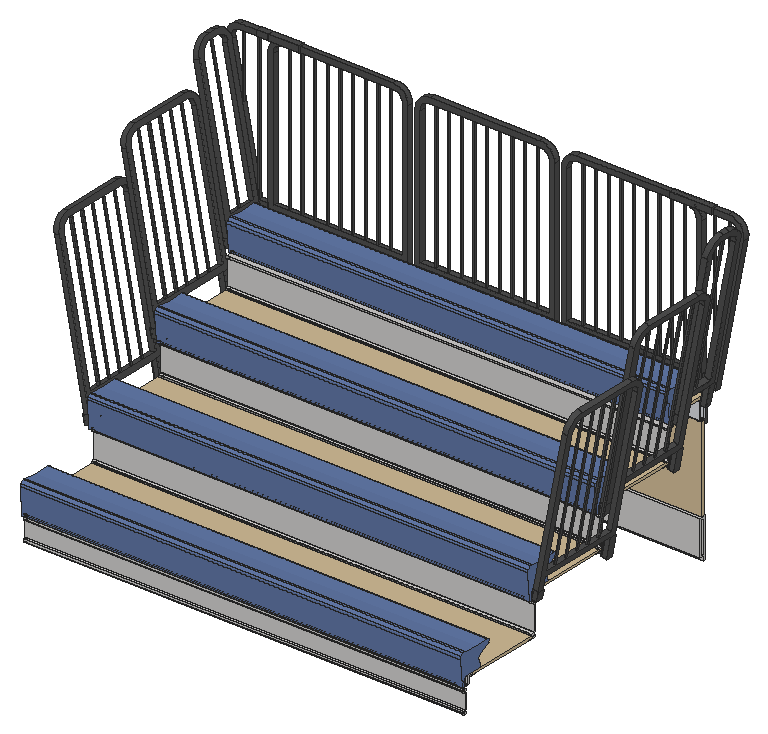
Revit family "Bleacher-Telescopic-Hussey-MAXAM-Portable", category Specialty Equipment, Revit 2024
Family settings
  Round Connector Dimension = Use Diameter
  Part Type = Normal
  OmniClass Number = 23.40.50.34.14
  OmniClass Title = Gymnasium Equipment
  Work Plane-Based = No
  Enable Cutting in Views = No
  Always vertical = Yes
  Cut with Voids When Loaded = No
  Maintain Annotation Orientation = No
  Shared = No
  Room Calculation Point = No
Parameters (values of type "24" Row, 11 5/8" Rise")
  URL = "http://www.husseyseating.com/"
  Type Comments = "Bleacher Bank"  # constant formula
  Top Deck Height [instance] = if(Row Rise Constraint = 1, (Row Rise * Number of Tiers) + 0' 1", if(Row Rise Constraint = 2, (Row Rise * Number of Tiers) - 0' 1", Row Rise * Number of Tiers))  # 3' - 9 1/2"
  Tier Limitation Chart [instance] = "Contact Hussey Seating Company"  # constant formula
  Show in Stowed Position [instance] = not(Show in Open Position)  # no
  Show in Open Position [instance] = yes
  Show End Rails Right [instance] = yes
  Show End Rails Left [instance] = yes
  Seat Type = Bleacher Seat : Courtside XC10
  Seat Color [instance] = Hussey - 301 Blue
  Row Spacing Note = "Do Not Change Row Spacing Constraint"  # constant formula
  Row Spacing Graphic Dimension [instance] = if(Show in Stowed Position, 0' 1", Row Spacing)  # 2' - 0"
  Row Spacing Constraint = 3
  Row Spacing = if(Row Spacing Constraint = 1, 1' 10", if(Row Spacing Constraint = 2, 1' 11", if(Row Spacing Constraint = 3, 2' 0", if(Row Spacing Constraint = 4, 2' 2", 0' 0"))))  # 2' - 0"
  Row Rise Note = "Do Not Change Row Rise Constraint"  # constant formula
  Row Rise Constraint = 2
  Row Rise = if(Row Rise Constraint = 1, 0' 9 5/8", if(Row Rise Constraint = 2, 0' 11 5/8", if(Row Rise Constraint = 3, 1' 4", 0' 0")))  # 0' - 11 5/8"
  Riser Material = Hussey - Galvanized Steel
  Rear Rail Width [instance] = Rear Rail Bay Dimension - 0' 2"  # 3' - 4"
  Rear Rail Bay Maximum Dimension [instance] = 3' - 4"  # constant formula
  Rear Rail Bay Dimension [instance] = Bank Length / Number of Rear Rails  # 3' - 6"
  Rear Panel Material = Hussey - Plywood - 001 Natural - Rear Panel
  Rear Panel Height [instance] = Top Deck Height - 1' 9 1/4"  # 2' - 0 1/4"
  Product Page URL = "http://www.husseyseating.com/maxam-gym-bleachers/"
  Overall Unit Height [instance] = if(Row Rise Constraint = 1, (Row Rise * Number of Tiers) + 0' 7 1/2", if(Row Rise Constraint = 2, (Row Rise * Number of Tiers) + 0' 5 1/2", (Row Rise * Number of Tiers) + 0' 6 1/2"))  # 4' - 4"
  Overall Unit Depth [instance] = if(Show in Stowed Position, Closed Dimension, Open Dimension)  # 7' - 1 13/16"
  Optional Rear Panel = yes
  Open Dimension [instance] = if(Row Spacing Constraint = 1, Row Spacing * (Number of Tiers - 1) + 1' 3 13/16", if(Row Spacing Constraint = 2, Row Spacing * (Number of Tiers - 1) + 1' 2 13/16", if(Row Spacing Constraint = 3, Row Spacing * (Number of Tiers - 1) + 1' 1 13/16", Row Spacing * (Number of Tiers - 1) + 0' 11 13/16")))  # 7' - 1 13/16"
  Number of Tiers [instance] = 4
  Number of Rear Rails [instance] = Number of Rear Rail Bays - 1  # 3
  Number of Rear Rail Bays [instance] = (Bank Length / Rear Rail Bay Maximum Dimension) + 1  # 4
  Number of Operable Tiers [instance] = Number of Tiers - 1  # 3
  Number of Operable End Rails [instance] = Number of Operable Tiers - 1  # 2
  Nose Beam Material = Hussey - Galvanized Steel
  Model = "MAXAM"
  Manufacturer Phone Number = "1.800.341.0401"  # constant formula
  Manufacturer Email Contact = "mailto:revit@husseyseating.com?Subject=Revit Inquiry"
  Manufacturer Address 1 = "38 Dyer Street Extension"  # constant formula
  Manufacturer Address  2 = "North Berwick, Maine 03906"  # constant formula
  Manufacturer = "Hussey Seating Company"  # constant formula
  Front Row Height [instance] = if(Row Rise = 1' 4", 1' 3 15/16", 0' 10 9/16")  # 0' - 10 9/16"
  Front Closure Material = Hussey - Galvanized Steel
  Front Closure Height [instance] = if(Show in Stowed Position, Front Row Height - 0' 4", Front Row Height - 0' 4")  # 0' - 6 9/16"
  Estimated Seat Count [instance] = (Bank Length / 1' 6") * Number of Tiers  # 28
  End Rail Color = Hussey - Bleacher Rail Color
  Description = "MAXAM Telescopic Gym Bleacher Bank - Portable"
  Default Elevation = 0' - 0"
  Creator URL = "http://www.revituspro.com/"
  Created By = "Revitus"  # constant formula
  Courtside XC12 Note = "Not available for 22'' Row Spacing"  # constant formula
  Copyright Notice = "© Hussey Seating Co.  All Rights Reserved."  # constant formula
  Closed Dimension [instance] = if(Row Rise Constraint = 3, (Number of Tiers * 0' 0 1/2" + 3' 2"), (Number of Tiers * 0' 0 1/2") + 3' 3")  # 3' - 5"
  CSI MasterFormat = "12 66 00"
  Bleacher Deck Material = Hussey - Plywood - 001 Natural - Bleacher Decking
  Bank Length Minimum = "10'-6''"  # constant formula
  Bank Length Maximum = "19'-6''"  # constant formula
  Bank Length Increment = "18'' Typical Increments"  # constant formula
  Bank Length [instance] = 10' - 6"
  BIM Version = "v3.1"  # constant formula
  Assembly Code = "E1020900"
  16" Row Rise Note = "Not Available for Portable Units"  # constant formula
Reference planes (in)
  plane 1 "Center (Front/Back)": y = 5.09375
  plane 2: z = 0
  plane 3 "Center (Left/Right)": x = -57
  plane 4 "Left": x = -120
  plane 5 "Right": x = 6
  plane 6 "Back": y = 48
  plane 7 "Front": y = -37.8125
  plane 8: z = 10.5625
  plane 9: y = -13.8125
  plane 10: z = 22.1875
  plane 11: y = 36.125
  plane 12: y = 10.1875
  plane 13: z = 1
  plane 14 "Top Deck Height": z = 45.5
  plane 15 "End Rail Alignment - Left": through (-120, -180, 0) normal (-0.1908, 0, 0.9816)
  plane 16: z = 33.8125
  plane 17 "End Rail Alignment - Right": through (120, -180, 0) normal (-0.1908, 0, -0.9816)
  plane 18: y = 48.1875
  plane 19: y = 49.9375
  plane 20 "Centerline of Rear Rails (Front/Back)": y = 49.0625
  plane 21 "Rear Rail - Left": x = -119
  plane 22 "Rear Rail - Right": x = 5
  plane 23 "Optional Rear Panel - Bottom": z = 14.5
  plane 24 "Optional Rear Panel - Top": z = 38.75
  plane 25 "Rear Lift Beam - Bottom": z = 3
  plane 26 "Optional Rear Panel - Back": y = 47.8125
  plane 27 "Optional Rear Panel - Front": y = 47.1875
  plane 28 "Rear Lift Beam - Top": z = 14.25
  plane 29 "Rear Lift Beam Channel - Bottom": z = 4.25
  plane 30 "Rear Lift Beam - Back": y = 48.0625
  plane 31 "Rear Lift Beam - Front": y = 46.3125
  plane 32: y = 46.5625
  plane 33: z = 4.5
  plane 34: z = 14
Forms (in)
  Extrusion 1, solid, material "Hussey - Plywood - 001 Natural - Rear Panel" <- "Rear Panel Material", visible <- "Optional Rear Panel"
    sketch origin (-57, 0, 0) x (0, 1, 0) y (0, 0, 1)
      loop
        line (47.1875, 14.5) -> (47.8125, 14.5) -> (47.8125, 38.75) -> (47.1875, 38.75) -> (47.1875, 14.5)
    from -63 to 63
  Extrusion 2, solid, material "Hussey - Galvanized Steel"
    sketch origin (-57, 0, -3.875) x (0, 1, 0) y (0, 0, 1)
      loop
        line (46.3125, 8.125) -> (47.8125, 8.125) -> (47.8125, 6.875) -> (48.0625, 6.875) -> (48.0625, 18.375) -> (47.8125, 18.375) -> (47.8125, 18.125) -> (46.3125, 18.125) -> (46.3125, 8.125)
      loop
        line (46.5625, 17.875) -> (46.5625, 8.375) -> (47.8125, 8.375) -> (47.8125, 17.875) -> (46.5625, 17.875)
    from -63 to 63
Lines and regions (in)
  reference lines, visible <- "Show End Rails Left"
    curve 1: line (-132, 48, 0) -> (-132, -37.8125, 0)
  reference lines, visible <- "Show End Rails Right"
    curve 2: line (18, 48, 0) -> (18, -37.8125, 0)
Dimensions and locks (in)
  equal spacing: plane 4 "Left", plane 3 "Center (Left/Right)", plane 5 "Right"
  "Bank Length": plane 4 "Left" to plane 5 "Right"
  equal spacing: plane 6 "Back", plane 1 "Center (Front/Back)", plane 7 "Front"
  "Overall Unit Depth": plane 6 "Back" to plane 7 "Front"
  "Row Spacing Graphic Dimension": plane 7 "Front" to plane 9
  locked: plane 11 to plane 6 "Back" at 11.875
  "Row Rise": plane 10 to plane 8
  "Front Row Height": plane 8 to level
  "Row Spacing Graphic Dimension": plane 9 to plane 12
  locked: plane 13 to level at 1
  equal spacing: group 1, group 2, group 3  (x3)
  "Top Deck Height": plane 14 "Top Deck Height" to level
  equal spacing: group 4, group 5, group 6  (x3)
  "Row Rise": plane 16 to plane 10
  group 7 to group 8 = 0' - 0"
  group 7 to group 8 = 2' - 0"
  group 7 to group 8 = 0' - 11 5/8"
  group 9 to group 10 = 0' - 0"
  group 9 to group 10 = 2' - 0"
  group 9 to group 10 = 0' - 11 5/8"
  locked: curve 1 to plane 4 "Left" at 12
  locked: plane 5 "Right" to curve 2 at 12
  plane 6 "Back" to plane 18 to plane 19 = 0' - 0 3/16" locked, 0' - 1 3/4" locked
  equal spacing: plane 18, plane 20 "Centerline of Rear Rails (Front/Back)", plane 19
  locked: plane 21 "Rear Rail - Left" to plane 4 "Left" at 1
  plane 22 "Rear Rail - Right" to plane 5 "Right" = 0' - 1"
  equal spacing: group 11, group 13, group 12  (x3)
  plane 23 "Optional Rear Panel - Bottom" to plane 25 "Rear Lift Beam - Bottom" to level = 0' - 11 1/2" locked, 0' - 3" locked
  "Rear Panel Height": plane 24 "Optional Rear Panel - Top" to plane 23 "Optional Rear Panel - Bottom"
  plane 27 "Optional Rear Panel - Front" to plane 26 "Optional Rear Panel - Back" to plane 20 "Centerline of Rear Rails (Front/Back)" = 0' - 0 5/8" locked, 0' - 1 1/4" locked
  plane 23 "Optional Rear Panel - Bottom" to plane 28 "Rear Lift Beam - Top" to plane 29 "Rear Lift Beam Channel - Bottom" = 0' - 0 1/4" locked, 0' - 10" locked
  locked: plane 26 "Optional Rear Panel - Back" to plane 30 "Rear Lift Beam - Back" at 0.25
  locked: plane 31 "Rear Lift Beam - Front" to plane 32 at 0.25
  locked: plane 29 "Rear Lift Beam Channel - Bottom" to plane 33 at 0.25
  locked: plane 34 to plane 28 "Rear Lift Beam - Top" at 0.25
  aligned and locked: level to plane 2
  aligned and locked: plane 13 to nested 1
  aligned and locked: nested 1 to plane 7 "Front"
  aligned and locked: plane 4 "Left" to nested 1
  aligned and locked: nested 2 to plane 7 "Front"
  aligned and locked: plane 8 to nested 2
  aligned and locked: plane 4 "Left" to nested 2
  aligned and locked: nested 4 to plane 9
  aligned and locked: nested 4 to plane 10
  aligned and locked: plane 11 to nested 3
  aligned and locked: plane 14 "Top Deck Height" to nested 3
  aligned and locked: plane 4 "Left" to nested 3
  aligned and locked: plane 4 "Left" to nested 6
  aligned and locked: nested 6 to plane 7 "Front"
  aligned and locked: nested 7 to plane 9
  aligned and locked: plane 4 "Left" to nested 9
  aligned and locked: plane 11 to nested 9
  aligned and locked: plane 8 to nested 6
  aligned and locked: plane 10 to nested 7
  aligned and locked: nested 10 to plane 9
  aligned: nested 10 to plane 12
  aligned and locked: plane 4 "Left" to nested 10
  aligned: nested 10 to plane 10
  aligned: nested 11 to plane 14 "Top Deck Height"
  aligned and locked: plane 4 "Left" to nested 11
  aligned and locked: plane 11 to nested 11
  aligned and locked: nested 10 to plane 10
  aligned and locked: nested 11 to plane 14 "Top Deck Height"
  aligned and locked: nested 12 to plane 16
  aligned and locked: plane 12 to nested 12
  aligned and locked: plane 10 to nested 13
  aligned and locked: nested 13 to plane 5 "Right"
  aligned and locked: nested 13 to plane 9
  aligned and locked: nested 14 to plane 12
  aligned and locked: plane 16 to nested 14
  aligned and locked: nested 14 to plane 5 "Right"
  aligned: plane 14 "Top Deck Height" to nested 15
  aligned and locked: nested 15 to plane 11
  aligned and locked: nested 9 to nested 15
  aligned: plane 14 "Top Deck Height" to nested 16
  aligned and locked: nested 16 to plane 20 "Centerline of Rear Rails (Front/Back)"
  aligned and locked: plane 14 "Top Deck Height" to nested 16
  aligned and locked: nested 16 to plane 21 "Rear Rail - Left"
  aligned and locked: nested 17 to plane 22 "Rear Rail - Right"
  aligned and locked: plane 14 "Top Deck Height" to nested 17
  aligned and locked: nested 17 to plane 20 "Centerline of Rear Rails (Front/Back)"
  aligned and locked: plane 21 "Rear Rail - Left" to nested 19
  aligned and locked: plane 14 "Top Deck Height" to nested 19
  aligned and locked: nested 19 to plane 20 "Centerline of Rear Rails (Front/Back)"
  aligned and locked: nested 20 to plane 22 "Rear Rail - Right"
  aligned and locked: plane 14 "Top Deck Height" to nested 20
  aligned and locked: nested 20 to nested 17
  aligned and locked: Extrusion 1 sketch curve to plane 27 "Optional Rear Panel - Front"
  aligned and locked: Extrusion 1 sketch curve to plane 24 "Optional Rear Panel - Top"
  aligned and locked: Extrusion 1 sketch curve to plane 26 "Optional Rear Panel - Back"
  aligned and locked: Extrusion 1 sketch curve to plane 23 "Optional Rear Panel - Bottom"
  aligned and locked: Extrusion 1 to plane 4 "Left"
  aligned and locked: Extrusion 1 to plane 5 "Right"
  aligned and locked: Extrusion 2 sketch curve to plane 31 "Rear Lift Beam - Front"
  aligned and locked: Extrusion 2 sketch curve to plane 32
  aligned and locked: Extrusion 2 sketch curve to plane 28 "Rear Lift Beam - Top"
  aligned and locked: Extrusion 2 sketch curve to plane 34
  aligned and locked: Extrusion 2 sketch curve to plane 26 "Optional Rear Panel - Back"  (x3)
  aligned and locked: Extrusion 2 sketch curve to plane 30 "Rear Lift Beam - Back"
  aligned and locked: Extrusion 2 sketch curve to plane 23 "Optional Rear Panel - Bottom"
  aligned and locked: Extrusion 2 sketch curve to plane 25 "Rear Lift Beam - Bottom"
  aligned and locked: Extrusion 2 sketch curve to plane 33
  aligned and locked: Extrusion 2 sketch curve to plane 29 "Rear Lift Beam Channel - Bottom"
  aligned and locked: Extrusion 2 to plane 5 "Right"
  aligned and locked: Extrusion 2 to plane 4 "Left"
  aligned and locked: nested 13 to nested 15
Automatic sketch dimensions
  plane 7 "Front" to curve 1 = 0' - 0"
  plane 7 "Front" to curve 2 = 0' - 0"
  curve 2 to plane 6 "Back" = 0' - 0"
  curve 1 to plane 6 "Back" = 0' - 0"
Nested families (in)
  nested 1: "Bleacher-Front_Closure-Hussey" at (0, -25.8125, 1), Height <- "Front Closure Height", Bank Length <- "Bank Length", type "Bleacher-Front_Closure-Hussey"
    with Height 0' - 6 9/16", Bank Length 10' - 6"
  nested 2: "Bleacher_Tier-Hussey-MAXAM" at (0, -25.8125, 10.5625), Bank Length <- "Bank Length", type "Typical Operable Tier"
    with Bank Length 10' - 6"
  nested 3: "Bleacher_Tier-Hussey-MAXAM" at (0, 48.125, 45.5), Bank Length <- "Bank Length", type "Fixed Wall Tier"
    with Bank Length 10' - 6", Show Wall Plate yes, Show Riser no, Depth 0' - 11 1/8"
  nested 4: "Bleacher_Tier-Hussey-MAXAM" at (0, -1.8125, 22.1875), Bank Length <- "Bank Length", type "Typical Operable Tier"
    with Bank Length 10' - 6"
  nested 5: "Bleacher_Tier-Hussey-MAXAM" at (0, 22.1875, 33.8125), Bank Length <- "Bank Length", type "Typical Operable Tier"
    with Bank Length 10' - 6"
  nested 6: "Bleacher Seat" at (0, -25.8125, 10.5625), Bank Length <- "Bank Length", type <- "Seat Type", type "Courtside XC10"
    with Bank Length 10' - 6"
  nested 7: "Bleacher Seat" at (0, -1.8125, 22.1875), Bank Length <- "Bank Length", type <- "Seat Type", type "Courtside XC10"
    with Bank Length 10' - 6"
  nested 8: "Bleacher Seat" at (0, 22.1875, 33.8125), Bank Length <- "Bank Length", type <- "Seat Type", type "Courtside XC10"
    with Bank Length 10' - 6"
  nested 9: "Bleacher Seat" at (0, 48.125, 45.5), Bank Length <- "Bank Length", type <- "Seat Type", built-in parameter 1001364 <- "Top Deck Height", type "Courtside XC10"
    with Bank Length 10' - 6"
  nested 10: "Bleacher-End_Rail-Hussey-Self_Storing" at (-2.32744, -1.8125, 43.31432) x (0.9816, 0, 0.1908) z (-0.1908, 0, 0.9816), Depth <- "Row Spacing", visible <- "Show End Rails Left", type "Left End Rail"
    with Single Baluster no, Number of Balusters 5, Multiple Balusters yes, Depth 2' - 0", Baluster Spacing 0' - 4"
  nested 11: "Bleacher-End_Rail-Hussey-Self_Storing" at (-2.32744, 48.125, 66.62682) x (0.9816, 0, 0.1908) z (-0.1908, 0, 0.9816), visible <- "Show End Rails Left", type "Left End Rail"
    with Single Baluster yes, Number of Balusters 2, Multiple Balusters no, Depth 0' - 9 1/4", Baluster Spacing 0' - 4 3/8"
  nested 12: "Bleacher-End_Rail-Hussey-Self_Storing" at (-2.32744, 22.1875, 54.93932) x (0.9816, 0, 0.1908) z (-0.1908, 0, 0.9816), Depth <- "Row Spacing", visible <- "Show End Rails Left", type "Left End Rail"
    with Single Baluster no, Number of Balusters 5, Multiple Balusters yes, Depth 2' - 0", Baluster Spacing 0' - 4"
  nested 13: "Bleacher-End_Rail-Hussey-Self_Storing" at (125.39041, -1.8125, -2.76605) x (0.9816, 0, -0.1908) z (0.1908, 0, 0.9816), visible <- "Show End Rails Right", Depth <- "Row Spacing", type "Right End Rail"
    with Single Baluster no, Number of Balusters 5, Multiple Balusters yes, Depth 2' - 0", Baluster Spacing 0' - 4", Right End Rail yes, Left End Rail no
  nested 14: "Bleacher-End_Rail-Hussey-Self_Storing" at (125.39041, 22.1875, 8.85895) x (0.9816, 0, -0.1908) z (0.1908, 0, 0.9816), visible <- "Show End Rails Right", Depth <- "Row Spacing", type "Right End Rail"
    with Single Baluster no, Number of Balusters 5, Multiple Balusters yes, Depth 2' - 0", Baluster Spacing 0' - 4", Right End Rail yes, Left End Rail no
  nested 15: "Bleacher-End_Rail-Hussey-Self_Storing" at (125.39041, 48.125, 20.54645) x (0.9816, 0, -0.1908) z (0.1908, 0, 0.9816), visible <- "Show End Rails Right", type "Right End Rail"
    with Single Baluster yes, Number of Balusters 2, Multiple Balusters no, Depth 0' - 9 1/4", Baluster Spacing 0' - 4 3/8", Right End Rail yes, Left End Rail no
  nested 16: "Bleacher-Rear_Rail-Hussey" at (-91, 169.8125, 37.125) x (0, 1, 0) z (0, 0, 1), type "Rear Rail"
    with Number of Balusters 9, Baluster Spacing 0' - 4", Width 3' - 4"
  nested 17: "Bleacher-Rear_Rail-Hussey" at (-7, 169.8125, 37.125) x (0, 1, 0) z (0, 0, 1), type "Rear Rail"
    with Number of Balusters 9, Baluster Spacing 0' - 4", Width 3' - 4"
  nested 18: "Bleacher-Rear_Rail-Hussey" at (-49, 169.8125, 37.125) x (0, 1, 0) z (0, 0, 1), type "Rear Rail"
    with Number of Balusters 9, Baluster Spacing 0' - 4", Width 3' - 4"
  nested 19: "Bleacher-Rear_Rail_Filler-Hussey" at (-107, -71.6875, 37.125) x (0, -1, 0) z (0, 0, 1), visible <- "Show End Rails Left", type "Rear Rail Filler"
  nested 20: "Bleacher-Rear_Rail_Filler-Hussey" at (-7, 169.8125, 37.125) x (0, 1, 0) z (0, 0, 1), visible <- "Show End Rails Right", type "Rear Rail Filler"
Definition of nested family "Bleacher-Front_Closure-Hussey"
  Parameters
    URL = "http://www.husseyseating.com/"
    Model = ""
    Manufacturer = "Hussey Seating Company"  # constant formula
    Height [instance] = 0' - 6 5/8"
    Front Closure Material = none
    Description = "Front Closure Extrusion Under First Tier"
    Default Elevation = 0' - 0"
    Created By = "Revitus"  # constant formula
    Creator URL = "http://www.revituspro.com/"
    Bank Length [instance] = 20' - 0"
    Assembly Code = ""
  Reference planes (in)
    plane 1: z = 0
    plane 2 "Center (Left/Right)": x = 0
    plane 3 "Left": x = -120
    plane 4 "Right": x = 120
    plane 5 "Front": y = -12
    plane 6: z = 6.625
    plane 7: z = 6.53125
    plane 8: y = -11.90625
    plane 9: y = -11.59415
    plane 10: y = -11.5004
    plane 11: z = 6.125
    plane 12: z = 0.5
    plane 13: z = 0.09375
  Forms (in)
    Extrusion 1, solid, material <- "Front Closure Material"
      sketch origin (0, -12.09375, 9.751) x (0, 1, 0) y (0, 0, 1)
        loop
          arc (0.09375, -3.8615) -> (0.1114, -3.93365) -> (0.16038, -3.98949) r 0.15625
          line (0.16038, -3.98949) -> (0.47295, -4.20836)
          arc (0.47295, -4.20836) -> (0.49254, -4.23069) -> (0.4996, -4.25955) r 0.0625
          line (0.4996, -4.25955) -> (0.4996, -8.61745)
          arc (0.4996, -8.61745) -> (0.49254, -8.64631) -> (0.47295, -8.66864) r 0.0625
          line (0.47295, -8.66864) -> (0.16038, -8.88751)
          arc (0.16038, -8.88751) -> (0.1114, -8.94335) -> (0.09375, -9.0155) r 0.15625
          line (0.09375, -9.0155) -> (0.09375, -9.59475)
          arc (0.09375, -9.59475) -> (0.13951, -9.70524) -> (0.25, -9.751) r 0.15625
          line (0.25, -9.751) -> (0.4371, -9.751)
          arc (0.4371, -9.751) -> (0.54759, -9.70524) -> (0.59335, -9.59475) r 0.15625
          line (0.59335, -9.59475) -> (0.59335, -9.251) -> (0.4996, -9.251) -> (0.4996, -9.59475)
          arc (0.4996, -9.59475) -> (0.48129, -9.63894) -> (0.4371, -9.65725) r 0.0625
          line (0.4371, -9.65725) -> (0.25, -9.65725)
          arc (0.25, -9.65725) -> (0.20581, -9.63894) -> (0.1875, -9.59475) r 0.0625
          line (0.1875, -9.59475) -> (0.1875, -9.0155)
          arc (0.1875, -9.0155) -> (0.19456, -8.98664) -> (0.21415, -8.9643) r 0.0625
          line (0.21415, -8.9643) -> (0.52672, -8.74544)
          arc (0.52672, -8.74544) -> (0.5757, -8.68959) -> (0.59335, -8.61745) r 0.15625
          line (0.59335, -8.61745) -> (0.59335, -4.25955)
          arc (0.59335, -4.25955) -> (0.5757, -4.18741) -> (0.52672, -4.13156) r 0.15625
          line (0.52672, -4.13156) -> (0.21415, -3.9127)
          arc (0.21415, -3.9127) -> (0.19456, -3.89036) -> (0.1875, -3.8615) r 0.0625
          line (0.1875, -3.8615) -> (0.1875, -3.28225)
          arc (0.1875, -3.28225) -> (0.20581, -3.23806) -> (0.25, -3.21975) r 0.0625
          line (0.25, -3.21975) -> (0.4371, -3.21975)
          arc (0.4371, -3.21975) -> (0.48129, -3.23806) -> (0.4996, -3.28225) r 0.0625
          line (0.4996, -3.28225) -> (0.4996, -3.626) -> (0.59335, -3.626) -> (0.59335, -3.28225)
          arc (0.59335, -3.28225) -> (0.54759, -3.17176) -> (0.4371, -3.126) r 0.15625
          line (0.4371, -3.126) -> (0.25, -3.126)
          arc (0.25, -3.126) -> (0.13951, -3.17176) -> (0.09375, -3.28225) r 0.15625
          line (0.09375, -3.28225) -> (0.09375, -3.8615)
      from -120 to 120
  Dimensions and locks (in)
    "Bank Length": plane 3 "Left" to plane 4 "Right"
    equal spacing: plane 3 "Left", plane 2 "Center (Left/Right)", plane 4 "Right"
    "Height": plane 6 to level
    plane 5 "Front" to plane 8 to plane 9 to plane 10 = 0' - 0 3/32" locked, 0' - 0.3121" locked, 0' - 0 3/32" locked
    plane 6 to plane 7 to plane 11 = 0' - 0 3/32" locked, 0' - 0 13/32" locked
    plane 12 to plane 13 to level = 0' - 0 13/32" locked, 0' - 0 3/32" locked
    aligned and locked: plane 1 to level
    aligned and locked: Extrusion 1 to plane 3 "Left"
    aligned and locked: Extrusion 1 to plane 4 "Right"
    aligned and locked: plane 6 to Extrusion 1
  Automatic sketch dimensions
    Extrusion 1 sketch curve to Extrusion 1 sketch curve = 0' - 0"  (x16)
    Extrusion 1 sketch curve to plane 5 "Front" = 0' - 0"  (x2)
    Extrusion 1 sketch curve to plane 8 = 0' - 0"  (x2)
    Extrusion 1 sketch curve to level = 0' - 0"
    Extrusion 1 sketch curve to plane 6 = 0' - 0"
    Extrusion 1 sketch curve to plane 9 = 0' - 0"  (x3)
    Extrusion 1 sketch curve to plane 10 = 0' - 0"
    Extrusion 1 sketch curve to plane 12 = 0' - 0"
    Extrusion 1 sketch curve to plane 11 = 0' - 0"
    plane 8 to Extrusion 1 sketch curve = 0' - 0.02712"  (x2)
    Extrusion 1 sketch curve to plane 8 = 0' - 0.02665"  (x2)
    Extrusion 1 sketch curve to Extrusion 1 sketch curve = 0' - 0 1/16"  (x3)
    Extrusion 1 sketch curve to plane 8 = 0' - 0 1/16"  (x2)
    plane 9 to Extrusion 1 sketch curve = 0' - 0 1/16"  (x3)
    plane 9 to Extrusion 1 sketch curve = 0' - 0.02665"  (x2)
    Extrusion 1 sketch curve to plane 9 = 0' - 0.02712"  (x2)
    plane 12 to Extrusion 1 sketch curve = 0' - 0.2355"
    Extrusion 1 sketch curve to Extrusion 1 sketch curve = 0' - 0.21886"
    Extrusion 1 sketch curve to plane 11 = 0' - 0.63355"
    Extrusion 1 sketch curve to plane 11 = 0' - 0.36349"
Definition of nested family "Bleacher_Tier-Hussey-MAXAM"
  Parameters
    URL = "http://www.husseyseating.com/"
    Show Wall Plate = not(Show Riser)  # no
    Show Riser = yes
    Row Spacing = 2' - 0"
    Row Rise = 0' - 11 5/8"
    Riser Material = none
    Nose Beam Material = none
    Manufacturer = "Hussey Seating Company"  # constant formula
    Depth = if(Show Wall Plate, 0' 11 1/8", Row Spacing)  # 2' - 0"
    Default Elevation = 0' - 0"
    Decking Material = none
    Created By = "Revitus"  # constant formula
    Creator URL = "http://www.revituspro.com/"
    Bank Length [instance] = 20' - 0"
    Assembly Code = ""
  Reference planes (in)
    plane 1 "Center (Front/Back)": y = 0
    plane 2: z = 0
    plane 3 "Center (Left/Right)": x = 0
    plane 4 "Left": x = -120
    plane 5 "Right": x = 120
    plane 6 "Front": y = -12
    plane 7 "Row Spacing Back": y = 12
    plane 8: z = 11.625
    plane 9: z = -0.625
    plane 10: y = -9.25
    plane 11 "Face of Wall": y = 12.75
    plane 12: y = 13.03125
    plane 13: y = 13.125
    plane 14: z = -2.4375
    plane 15: y = -8.25
    plane 16: z = -0.09375
    plane 17: z = -0.1875
    plane 18: y = -10.5625
    plane 19: y = -10.65625
    plane 20: y = -11.90625
    plane 21: y = -9.34375
    plane 22: z = -0.71875
    plane 23: z = -2.34375
    plane 24: y = -9.4375
    plane 25: z = 8.75
    plane 26: z = 8.65625
    plane 27: z = 0.09375
    plane 28: y = 14.53125
    plane 29: y = 14.625
    plane 30: z = 8.25
    plane 31: y = 11.125
    plane 32 "Wall Plate - Front": y = 11
    plane 33: y = 12.625
    plane 34: z = -0.75
    plane 35: z = -6.125
    plane 36: z = -6.25
  Forms (in)
    Extrusion 1, solid, material <- "Decking Material"
      sketch origin (0, 0, 0) x (0, 1, 0) y (0, 0, 1)
        loop
          line (-9.25, 0) -> (-9.25, -0.625) -> (12.75, -0.625) -> (12.75, 0) -> (-9.25, 0)
      from -120 to 120
    Extrusion 2, solid, material <- "Nose Beam Material"
      sketch origin (0, 0, 0) x (0, 1, 0) y (0, 0, 1)
        loop
          arc (-11.8125, 0) -> (-11.94508, -0.05492) -> (-12, -0.1875) r 0.1875
          line (-12, -0.1875) -> (-12, -2.25)
          arc (-12, -2.25) -> (-11.94508, -2.38258) -> (-11.8125, -2.4375) r 0.1875
          line (-11.8125, -2.4375) -> (-10.75, -2.4375)
          arc (-10.75, -2.4375) -> (-10.61742, -2.38258) -> (-10.5625, -2.25) r 0.1875
          line (-10.5625, -2.25) -> (-10.5625, -0.28125)
          arc (-10.5625, -0.28125) -> (-10.53504, -0.21496) -> (-10.46875, -0.1875) r 0.09375
          line (-10.46875, -0.1875) -> (-9.4375, -0.1875) -> (-9.4375, -0.09375)
          arc (-9.4375, -0.09375) -> (-9.37121, -0.12121) -> (-9.34375, -0.1875) r 0.09375
          line (-9.34375, -0.1875) -> (-9.34375, -0.53125)
          arc (-9.34375, -0.53125) -> (-9.28883, -0.66383) -> (-9.15625, -0.71875) r 0.1875
          line (-9.15625, -0.71875) -> (-8.25, -0.71875) -> (-8.25, -0.625) -> (-9.15625, -0.625)
          arc (-9.15625, -0.625) -> (-9.22254, -0.59754) -> (-9.25, -0.53125) r 0.09375
          line (-9.25, -0.53125) -> (-9.25, -0.1875)
          arc (-9.25, -0.1875) -> (-9.30492, -0.05492) -> (-9.4375, 0) r 0.1875
          line (-9.4375, 0) -> (-11.8125, 0)
        loop
          arc (-11.8125, -0.09375) -> (-11.87879, -0.12121) -> (-11.90625, -0.1875) r 0.09375
          line (-11.90625, -0.1875) -> (-11.90625, -2.25)
          arc (-11.90625, -2.25) -> (-11.87879, -2.31629) -> (-11.8125, -2.34375) r 0.09375
          line (-11.8125, -2.34375) -> (-10.75, -2.34375)
          arc (-10.75, -2.34375) -> (-10.68371, -2.31629) -> (-10.65625, -2.25) r 0.09375
          line (-10.65625, -2.25) -> (-10.65625, -0.28125)
          arc (-10.65625, -0.28125) -> (-10.60133, -0.14867) -> (-10.46875, -0.09375) r 0.1875
          line (-10.46875, -0.09375) -> (-11.8125, -0.09375)
      from -120 to 120
    Extrusion 3, solid, material <- "Riser Material", visible <- "Show Riser"
      sketch origin (0, 0, 0) x (0, 1, 0) y (0, 0, 1)
        loop
          arc (12.43197, 8.75) -> (12.25086, 8.61103) -> (12.33822, 8.40012) r 0.1875
          line (12.33822, 8.40012) -> (12.98437, 8.02706)
          arc (12.98437, 8.02706) -> (13.01869, 7.99275) -> (13.03125, 7.94587) r 0.09375
          line (13.03125, 7.94587) -> (13.03125, 0.80413)
          arc (13.03125, 0.80413) -> (13.01869, 0.75725) -> (12.98437, 0.72294) r 0.09375
          line (12.98437, 0.72294) -> (12.33822, 0.34988)
          arc (12.33822, 0.34988) -> (12.25086, 0.13897) -> (12.43197, 0) r 0.1875
          line (12.43197, 0) -> (12.9375, 0)
          arc (12.9375, 0) -> (13.00379, -0.02746) -> (13.03125, -0.09375) r 0.09375
          line (13.03125, -0.09375) -> (13.03125, -0.53125)
          arc (13.03125, -0.53125) -> (13.00379, -0.59754) -> (12.9375, -0.625) r 0.09375
          line (12.9375, -0.625) -> (11.125, -0.625) -> (11.125, -0.71875) -> (12.9375, -0.71875)
          arc (12.9375, -0.71875) -> (13.07008, -0.66383) -> (13.125, -0.53125) r 0.1875
          line (13.125, -0.53125) -> (13.125, -0.09375)
          arc (13.125, -0.09375) -> (13.07008, 0.03883) -> (12.9375, 0.09375) r 0.1875
          line (12.9375, 0.09375) -> (12.43197, 0.09375)
          arc (12.43197, 0.09375) -> (12.34142, 0.16324) -> (12.3851, 0.26869) r 0.09375
          line (12.3851, 0.26869) -> (13.03125, 0.64175)
          arc (13.03125, 0.64175) -> (13.09988, 0.71038) -> (13.125, 0.80413) r 0.1875
          line (13.125, 0.80413) -> (13.125, 7.94587)
          arc (13.125, 7.94587) -> (13.09988, 8.03962) -> (13.03125, 8.10825) r 0.1875
          line (13.03125, 8.10825) -> (12.3851, 8.48131)
          arc (12.3851, 8.48131) -> (12.34142, 8.58676) -> (12.43197, 8.65625) r 0.09375
          line (12.43197, 8.65625) -> (14.4375, 8.65625)
          arc (14.4375, 8.65625) -> (14.50379, 8.62879) -> (14.53125, 8.5625) r 0.09375
          line (14.53125, 8.5625) -> (14.53125, 8.25) -> (14.625, 8.25) -> (14.625, 8.5625)
          arc (14.625, 8.5625) -> (14.57008, 8.69508) -> (14.4375, 8.75) r 0.1875
          line (14.4375, 8.75) -> (12.43197, 8.75)
      from -120 to 120
    Extrusion 4, solid, visible <- "Show Wall Plate"
      sketch origin (0, 0, 0) x (0, 1, 0) y (0, 0, 1)
        loop
          arc (11, -6) -> (11.07322, -6.17678) -> (11.25, -6.25) r 0.25
          line (11.25, -6.25) -> (12.5, -6.25)
          arc (12.5, -6.25) -> (12.67678, -6.17678) -> (12.75, -6) r 0.25
          line (12.75, -6) -> (12.75, -0.875)
          arc (12.75, -0.875) -> (12.67678, -0.69822) -> (12.5, -0.625) r 0.25
          line (12.5, -0.625) -> (11.25, -0.625)
          arc (11.25, -0.625) -> (11.07322, -0.69822) -> (11, -0.875) r 0.25
          line (11, -0.875) -> (11, -6)
        loop
          arc (11.125, -6) -> (11.16161, -6.08839) -> (11.25, -6.125) r 0.125
          line (11.25, -6.125) -> (12.5, -6.125)
          arc (12.5, -6.125) -> (12.58839, -6.08839) -> (12.625, -6) r 0.125
          line (12.625, -6) -> (12.625, -0.875)
          arc (12.625, -0.875) -> (12.58839, -0.78661) -> (12.5, -0.75) r 0.125
          line (12.5, -0.75) -> (11.25, -0.75)
          arc (11.25, -0.75) -> (11.16161, -0.78661) -> (11.125, -0.875) r 0.125
          line (11.125, -0.875) -> (11.125, -6)
      from -120 to 120
  Dimensions and locks (in)
    "Bank Length": plane 4 "Left" to plane 5 "Right"
    equal spacing: plane 4 "Left", plane 3 "Center (Left/Right)", plane 5 "Right"
    equal spacing: plane 6 "Front", plane 1 "Center (Front/Back)", plane 7 "Row Spacing Back"
    "Depth": plane 7 "Row Spacing Back" to plane 6 "Front"
    "Row Rise": plane 8 to level
    plane 6 "Front" to plane 10 to plane 15 = 0' - 2 3/4" locked, 0' - 1" locked
    plane 7 "Row Spacing Back" to plane 11 "Face of Wall" to plane 12 to plane 13 = 0' - 0 3/4" locked, 0' - 0 9/32" locked, 0' - 0 3/32" locked
    level to plane 9 to plane 14 = 0' - 0 5/8" locked, 0' - 1 13/16" locked
    level to plane 16 to plane 17 = 0' - 0 3/32" locked, 0' - 0 3/32" locked
    plane 6 "Front" to plane 20 to plane 19 to plane 18 = 0' - 0 3/32" locked, 0' - 1 1/4" locked, 0' - 0 3/32" locked
    plane 24 to plane 21 to plane 10 = 0' - 0 3/32" locked, 0' - 0 3/32" locked
    locked: plane 9 to plane 22 at 0.09375
    locked: plane 23 to plane 14 at 0.09375
    plane 8 to plane 25 to plane 26 = 0' - 2 7/8" locked, 0' - 0 3/32" locked
    locked: plane 27 to level at 0.09375
    plane 12 to plane 28 to plane 29 = 0' - 1 1/2" locked, 0' - 0 3/32" locked
    locked: plane 25 to plane 30 at 0.5
    plane 9 to plane 34 to plane 35 to plane 36 = 0' - 0 1/8" locked, 0' - 5 3/8" locked, 0' - 0 1/8" locked
    plane 32 "Wall Plate - Front" to plane 31 to plane 33 to plane 11 "Face of Wall" = 0' - 0 1/8" locked, 0' - 1 1/2" locked, 0' - 0 1/8" locked
    aligned and locked: plane 2 to level
    aligned and locked: Extrusion 1 sketch curve to level
    aligned and locked: Extrusion 1 sketch curve to plane 10
    aligned and locked: Extrusion 1 sketch curve to plane 9
    aligned and locked: Extrusion 1 sketch curve to plane 11 "Face of Wall"
    aligned and locked: Extrusion 1 to plane 4 "Left"
    aligned and locked: Extrusion 1 to plane 5 "Right"
    aligned and locked: Extrusion 2 sketch curve to level
    aligned and locked: Extrusion 2 sketch curve to plane 16
    aligned and locked: Extrusion 2 sketch curve to plane 17
    aligned and locked: Extrusion 2 sketch curve to plane 6 "Front"
    aligned and locked: plane 20 to Extrusion 2 sketch curve
    aligned and locked: plane 19 to Extrusion 2 sketch curve
    aligned and locked: plane 18 to Extrusion 2 sketch curve
    aligned and locked: plane 21 to Extrusion 2 sketch curve
    aligned and locked: Extrusion 2 sketch curve to plane 10
    aligned and locked: Extrusion 2 sketch curve to plane 15
    aligned and locked: Extrusion 2 sketch curve to plane 23
    aligned and locked: Extrusion 2 sketch curve to plane 14
    aligned and locked: Extrusion 2 sketch curve to plane 9
    aligned and locked: Extrusion 2 sketch curve to plane 22
    aligned and locked: plane 24 to Extrusion 2 sketch curve
    aligned and locked: Extrusion 2 to plane 4 "Left"
    aligned and locked: Extrusion 2 to plane 5 "Right"
    aligned and locked: Extrusion 3 sketch curve to plane 25
    aligned and locked: Extrusion 3 sketch curve to plane 26
    aligned and locked: Extrusion 3 sketch curve to plane 13
    aligned and locked: Extrusion 3 sketch curve to plane 12
    aligned and locked: Extrusion 3 sketch curve to plane 29
    aligned and locked: Extrusion 3 sketch curve to plane 28
    aligned and locked: plane 22 to Extrusion 3 sketch curve
    aligned and locked: Extrusion 3 sketch curve to plane 9
    aligned and locked: Extrusion 3 sketch curve to level
    aligned and locked: Extrusion 3 sketch curve to plane 27
    aligned and locked: Extrusion 3 sketch curve to plane 30
    aligned and locked: plane 31 to Extrusion 3 sketch curve
    aligned and locked: Extrusion 3 to plane 4 "Left"
    aligned and locked: Extrusion 3 to plane 5 "Right"
    aligned and locked: Extrusion 4 sketch curve to plane 32 "Wall Plate - Front"
    aligned and locked: Extrusion 4 sketch curve to plane 31
    aligned and locked: Extrusion 4 sketch curve to plane 36
    aligned and locked: Extrusion 4 sketch curve to plane 35
    aligned and locked: Extrusion 4 sketch curve to plane 33
    aligned and locked: Extrusion 4 sketch curve to plane 11 "Face of Wall"
    aligned and locked: Extrusion 4 sketch curve to plane 34
    aligned and locked: Extrusion 4 sketch curve to plane 9
    aligned and locked: Extrusion 4 to plane 4 "Left"
    aligned and locked: Extrusion 4 to plane 5 "Right"
  Automatic sketch dimensions
    Extrusion 2 sketch curve to Extrusion 2 sketch curve = 0' - 0"  (x8)
    Extrusion 2 sketch curve to plane 17 = 0' - 0"
    Extrusion 2 sketch curve to plane 16 = 0' - 0"
    plane 20 to Extrusion 2 sketch curve = 0' - 0 3/32"
    Extrusion 2 sketch curve to Extrusion 2 sketch curve = 0' - 0 3/32"
    Extrusion 2 sketch curve to plane 17 = 0' - 0 3/32"
    Extrusion 2 sketch curve to plane 10 = 0' - 0 3/32"
    Extrusion 3 sketch curve to Extrusion 3 sketch curve = 0' - 0"  (x11)
    Extrusion 3 sketch curve to plane 12 = 0' - 0"  (x3)
    Extrusion 3 sketch curve to plane 13 = 0' - 0"
    plane 16 to Extrusion 3 sketch curve = 0' - 0"
    plane 12 to Extrusion 3 sketch curve = 0' - 0 3/32"  (x3)
    plane 11 "Face of Wall" to Extrusion 3 sketch curve = 0' - 0.31803"  (x2)
    Extrusion 3 sketch curve to Extrusion 3 sketch curve = 0' - 0 3/64"  (x4)
    plane 12 to Extrusion 3 sketch curve = 0' - 0 3/64"  (x2)
    Extrusion 3 sketch curve to Extrusion 3 sketch curve = 0' - 0 3/32"
    plane 27 to Extrusion 3 sketch curve = 0' - 0 3/32"
    plane 27 to Extrusion 3 sketch curve = 0' - 0.548"
    Extrusion 3 sketch curve to plane 26 = 0' - 0.71038"
    Extrusion 3 sketch curve to plane 26 = 0' - 0.25613"
    Extrusion 4 sketch curve to Extrusion 4 sketch curve = 0' - 0"  (x4)
    Extrusion 4 sketch curve to plane 31 = 0' - 0 1/8"  (x2)
    plane 33 to Extrusion 4 sketch curve = 0' - 0 1/8"  (x2)
Definition of nested family "Bleacher Seat"
  Parameters
    URL = "http://www.husseyseating.com/"
    Show XC12 = no
    Show XC10 = yes
    Show Classic Wood Seat = no
    Seat Color = none
    Model = "CourtSide XC10"
    Manufacturer = "Hussey Seating Company"  # constant formula
    Default Elevation = 0' - 0"
    Created By = "Revitus"  # constant formula
    Creator URL = "http://www.revituspro.com/"
    Bank Length [instance] = 20' - 0"
    Assembly Code = ""
  Reference planes (in)
    plane 1: z = 0
    plane 2 "Center (Left/Right)": x = 0
    plane 3 "Left": x = -120
    plane 4 "Right": x = 120
    plane 5 "Front": y = -12
    plane 6 "Host Level Offset Bottom": z = -8
    plane 7 "Host Level Offset Top": z = 8
  Forms (in)
    Extrusion 1, solid, material <- "Seat Color", visible <- "Show XC10"
      sketch origin (0, 0, 0) x (0, 1, 0) y (0, 0, 1)
        loop
          line (-11.8125, 0) -> (-6.27222, 0) -> (-6.97372, 2.36822)
          arc (-6.97372, 2.36822) -> (-6.9994, 2.46728) -> (-7.01998, 2.56753) r 2
          arc (-7.01998, 2.56753) -> (-6.96581, 3.00687) -> (-6.67332, 3.33914) r 0.75
          line (-6.67332, 3.33914) -> (-4.24513, 4.82586)
          arc (-4.24513, 4.82586) -> (-3.94252, 4.96751) -> (-3.61606, 5.03866) r 1.5
          arc (-3.61606, 5.03866) -> (-3.47664, 5.05337) -> (-3.33728, 5.06869) r 32.21588
          arc (-3.33728, 5.06869) -> (-3.31572, 5.08178) -> (-3.31176, 5.10668) r 0.03
          line (-3.31176, 5.10668) -> (-3.46714, 5.64853)
          arc (-3.46714, 5.64853) -> (-3.46045, 5.70866) -> (-3.41358, 5.74692) r 0.08
          arc (-3.41358, 5.74692) -> (-3.28838, 5.81194) -> (-3.23332, 5.94182) r 0.2083
          line (-3.23332, 5.94182) -> (-3.23332, 6.00281)
          arc (-3.23332, 6.00281) -> (-3.33303, 6.22615) -> (-3.56588, 6.30102) r 0.29999
          arc (-3.56588, 6.30102) -> (-7.6105, 6.12553) -> (-11.64345, 6.47919) r 30.96588
          arc (-11.64345, 6.47919) -> (-11.88356, 6.484) -> (-12.11945, 6.43895) r 1.1526
          arc (-12.11945, 6.43895) -> (-12.59256, 6.21492) -> (-12.97892, 5.86171) r 1.76109
          arc (-12.97892, 5.86171) -> (-13.19235, 5.56913) -> (-13.23339, 5.20932) r 0.7088
          arc (-13.23339, 5.20932) -> (-13.02864, 1.37672) -> (-12.60147, -2.4375) r 66
          line (-12.60147, -2.4375) -> (-12, -2.4375) -> (-12, -0.1875)
          arc (-12, -0.1875) -> (-11.94508, -0.05492) -> (-11.8125, 0) r 0.1875
      from -120 to 120
    Extrusion 2, solid, material <- "Seat Color", visible <- "Show Classic Wood Seat"
      sketch origin (0, 0, 0) x (0, 1, 0) y (0, 0, 1)
        loop
          line (-12, 5.4375) -> (-12.75, 5.4375) -> (-12.75, -2.22535)
          arc (-12.75, -2.22535) -> (-12.375, -2.4375) -> (-12, -2.22535) r 0.4375
          line (-12, -2.22535) -> (-12, 5.4375)
        loop
          line (-4.18696, 6.02394) -> (-12.75906, 6.27231)
          arc (-12.75906, 6.27231) -> (-12.98199, 5.90361) -> (-12.78078, 5.52262) r 0.4375
          line (-12.78078, 5.52262) -> (-4.20869, 5.27426)
          arc (-4.20869, 5.27426) -> (-3.98576, 5.64296) -> (-4.18696, 6.02394) r 0.4375
      from -120 to 120
    Extrusion 3, solid, material <- "Seat Color", visible <- "Show XC12"
      sketch origin (0, 0, 0) x (0, 1, 0) y (0, 0, 1)
        loop
          line (-11.8125, 0) -> (-4.66697, 0) -> (-5.65002, 3.11784) -> (-1.62017, 5.26175)
          arc (-1.62017, 5.26175) -> (-1.56901, 5.25756) -> (-1.51779, 5.26091) r 0.35
          arc (-1.51779, 5.26091) -> (-1.38738, 5.32486) -> (-1.33463, 5.4602) r 0.2
          line (-1.33463, 5.4602) -> (-1.33463, 5.72823)
          arc (-1.33463, 5.72823) -> (-1.45521, 6.05387) -> (-1.75878, 6.22245) r 0.5
          line (-1.75878, 6.22245) -> (-3.66896, 6.46462) -> (-5.71322, 6.46637)
          arc (-5.71322, 6.46637) -> (-8.17496, 6.47218) -> (-10.63266, 6.61324) r 44.78937
          arc (-10.63266, 6.61324) -> (-11.73081, 6.45288) -> (-12.59544, 5.75714) r 2.10864
          line (-12.59544, 5.75714) -> (-13.21576, 4.92083)
          arc (-13.21576, 4.92083) -> (-13.3805, 4.53599) -> (-13.43565, 4.12101) r 1.54192
          arc (-13.43565, 4.12101) -> (-13.30757, 0.72964) -> (-12.72588, -2.61393) r 25.25144
          line (-12.72588, -2.61393) -> (-12, -2.61395) -> (-12, -0.1875)
          arc (-12, -0.1875) -> (-11.94508, -0.05492) -> (-11.8125, 0) r 0.1875
      from -120 to 120
    Extrusion 4, solid, visible <- "Show Classic Wood Seat"
      sketch origin (0, 0, 0) x (0, 1, 0) y (0, 0, 1)
        loop
          line (-11.63037, 0) -> (-7, 0) -> (-7, 0.1196) -> (-7.86588, 0.1196) -> (-11.6304, 0.1196)
          arc (-11.6304, 0.1196) -> (-11.80718, 0.19282) -> (-11.8804, 0.3696) r 0.25
          line (-11.8804, 0.3696) -> (-11.8804, 0.5) -> (-11.8804, 4.25) -> (-11.8804, 4.375) -> (-11.8804, 5.11954)
          arc (-11.8804, 5.11954) -> (-11.8046, 5.29885) -> (-11.62316, 5.36943) r 0.25
          line (-11.62316, 5.36943) -> (-6.24255, 5.21354) -> (-4.38166, 5.15962) -> (-4.25671, 5.156) -> (-4.25325, 5.27555) -> (-11.6197, 5.48898)
          arc (-11.6197, 5.48898) -> (-11.88793, 5.38464) -> (-12, 5.11954) r 0.3696
          line (-12, 5.11954) -> (-12, 0.375)
          arc (-12, 0.375) -> (-11.89364, 0.11017) -> (-11.63037, 0) r 0.36967
      from -120 to 120
  Dimensions and locks (in)
    "Bank Length": plane 3 "Left" to plane 4 "Right"
    equal spacing: plane 3 "Left", plane 2 "Center (Left/Right)", plane 4 "Right"
    aligned and locked: plane 1 to level
    aligned and locked: Extrusion 1 sketch curve to level
    aligned and locked: Extrusion 1 sketch curve to plane 5 "Front"
    aligned and locked: Extrusion 1 to plane 3 "Left"
    aligned and locked: Extrusion 1 to plane 4 "Right"
    aligned and locked: Extrusion 2 to plane 3 "Left"
    aligned and locked: Extrusion 2 to plane 4 "Right"
    aligned and locked: Extrusion 3 to plane 3 "Left"
    aligned and locked: Extrusion 3 to plane 4 "Right"
    aligned and locked: Extrusion 4 to plane 4 "Right"
    aligned and locked: Extrusion 4 to plane 3 "Left"
  Automatic sketch dimensions
    Extrusion 1 sketch curve to Extrusion 1 sketch curve = 0' - 0"  (x7)
    Extrusion 1 sketch curve to plane 5 "Front" = 0' - 0.11945"
    Extrusion 1 sketch curve to plane 5 "Front" = 0' - 0.532"
    Extrusion 1 sketch curve to Extrusion 1 sketch curve = 0' - 0.60147"
    Extrusion 1 sketch curve to Extrusion 1 sketch curve = 0' - 0.44692"
    Extrusion 1 sketch curve to Extrusion 1 sketch curve = 0' - 0.25447"
    plane 5 "Front" to Extrusion 1 sketch curve = 0' - 0 3/16"
    plane 5 "Front" to Extrusion 1 sketch curve = 0' - 0.21354"
    plane 5 "Front" to Extrusion 1 sketch curve = 0' - 0.35655"
    plane 5 "Front" to Extrusion 1 sketch curve = 0' - 0.38933"
    Extrusion 1 sketch curve to Extrusion 1 sketch curve = 0' - 5.54028"
    level to Extrusion 1 sketch curve = 0' - 2.36822"
    Extrusion 1 sketch curve to Extrusion 1 sketch curve = 0' - 0.04626"
    plane 5 "Front" to Extrusion 1 sketch curve = 0' - 5.07235"
    Extrusion 1 sketch curve to Extrusion 1 sketch curve = 0' - 0.34667"
    Extrusion 1 sketch curve to Extrusion 1 sketch curve = 0' - 0 189/256"
    Extrusion 1 sketch curve to Extrusion 1 sketch curve = 0' - 0.7015"
    Extrusion 1 sketch curve to Extrusion 1 sketch curve = 0' - 1.23049"
    Extrusion 1 sketch curve to Extrusion 1 sketch curve = 0' - 0.80607"
    Extrusion 1 sketch curve to Extrusion 1 sketch curve = 0' - 0.62907"
    Extrusion 1 sketch curve to Extrusion 1 sketch curve = 0' - 0.05018"
    Extrusion 1 sketch curve to Extrusion 1 sketch curve = 0' - 0.03257"
    Extrusion 1 sketch curve to Extrusion 1 sketch curve = 0' - 0.06618"
    Extrusion 1 sketch curve to Extrusion 1 sketch curve = 0' - 0.78326"
    Extrusion 1 sketch curve to Extrusion 1 sketch curve = 0' - 0.09201"
    Extrusion 1 sketch curve to Extrusion 1 sketch curve = 0' - 0.05356"
    Extrusion 1 sketch curve to Extrusion 1 sketch curve = 0' - 0.02339"
    Extrusion 1 sketch curve to Extrusion 1 sketch curve = 0' - 0.27543"
    Extrusion 1 sketch curve to Extrusion 1 sketch curve = 0' - 0.00334"
    level to Extrusion 1 sketch curve = 0' - 5.10668"
    Extrusion 1 sketch curve to Extrusion 1 sketch curve = 0' - 0.02886"
    Extrusion 1 sketch curve to Extrusion 1 sketch curve = 0' - 0.20798"
    level to Extrusion 1 sketch curve = 0' - 6.81231"
    Extrusion 1 sketch curve to Extrusion 1 sketch curve = 4' - 7 251/256"
    Extrusion 1 sketch curve to Extrusion 1 sketch curve = 0' - 2 1/4"
    Extrusion 1 sketch curve to Extrusion 1 sketch curve = 0' - 1.56008"
    Extrusion 1 sketch curve to Extrusion 1 sketch curve = 0' - 0.45636"
    Extrusion 1 sketch curve to Extrusion 1 sketch curve = 0' - 0.35428"
    Extrusion 1 sketch curve to Extrusion 1 sketch curve = 0' - 0.02189"
    Extrusion 1 sketch curve to Extrusion 1 sketch curve = 0' - 0.06098"
    Extrusion 1 sketch curve to Extrusion 1 sketch curve = 0' - 0.19931"
    Extrusion 2 sketch curve to plane 5 "Front" = 0' - 0"
    Extrusion 2 sketch curve to plane 5 "Front" = 0' - 0 3/8"
    Extrusion 2 sketch curve to plane 5 "Front" = 0' - 0.54467"
    Extrusion 2 sketch curve to Extrusion 2 sketch curve = 0' - 0 3/8"
    Extrusion 2 sketch curve to Extrusion 2 sketch curve = 0' - 0.21439"  (x2)
    Extrusion 2 sketch curve to Extrusion 2 sketch curve = 0' - 0.03078"
    plane 7 "Host Level Offset Top" to Extrusion 2 sketch curve = 0' - 2.34437"
    plane 5 "Front" to Extrusion 2 sketch curve = 0' - 7.57692"
    plane 7 "Host Level Offset Top" to Extrusion 2 sketch curve = 0' - 2.72574"
    plane 7 "Host Level Offset Top" to Extrusion 2 sketch curve = 0' - 1.97606"
    Extrusion 2 sketch curve to level = 0' - 2"
    Extrusion 2 sketch curve to Extrusion 2 sketch curve = 0' - 0.22535"
    plane 7 "Host Level Offset Top" to Extrusion 2 sketch curve = 0' - 2 9/16"
    Extrusion 2 sketch curve to Extrusion 2 sketch curve = 0' - 0.08512"
    Extrusion 2 sketch curve to Extrusion 2 sketch curve = 0' - 0.36832"
    Extrusion 3 sketch curve to plane 5 "Front" = 0' - 0"
    Extrusion 3 sketch curve to level = 0' - 0"
    Extrusion 3 sketch curve to plane 5 "Front" = 0' - 0.59544"
    Extrusion 3 sketch curve to plane 5 "Front" = 0' - 0.72588"
    Extrusion 3 sketch curve to Extrusion 3 sketch curve = 0' - 0.62031"
    Extrusion 3 sketch curve to Extrusion 3 sketch curve = 0' - 0.21989"
    plane 5 "Front" to Extrusion 3 sketch curve = 0' - 0.10626"
    Extrusion 3 sketch curve to Extrusion 3 sketch curve = 0' - 0 3/16"
    Extrusion 3 sketch curve to Extrusion 3 sketch curve = 0' - 1.00595"
    plane 5 "Front" to Extrusion 3 sketch curve = 0' - 1.36734"
    plane 5 "Front" to Extrusion 3 sketch curve = 0' - 5.16161"
    plane 7 "Host Level Offset Top" to Extrusion 3 sketch curve = 0' - 1.53363"
    Extrusion 3 sketch curve to Extrusion 3 sketch curve = 0' - 4.91945"
    level to Extrusion 3 sketch curve = 0' - 3.11784"
    Extrusion 3 sketch curve to Extrusion 3 sketch curve = 0' - 0.06319"
    Extrusion 3 sketch curve to Extrusion 3 sketch curve = 0' - 0.98305"
    plane 7 "Host Level Offset Top" to Extrusion 3 sketch curve = 0' - 1.53538"
    Extrusion 3 sketch curve to Extrusion 3 sketch curve = 0' - 2.04426"
    Extrusion 3 sketch curve to Extrusion 3 sketch curve = 0' - 1.83433"
    Extrusion 3 sketch curve to Extrusion 3 sketch curve = 0' - 0.07585"
    Extrusion 3 sketch curve to Extrusion 3 sketch curve = 0' - 0.21445"
    Extrusion 3 sketch curve to Extrusion 3 sketch curve = 0' - 0.26849"
    Extrusion 3 sketch curve to Extrusion 3 sketch curve = 0' - 0.03151"
    Extrusion 3 sketch curve to Extrusion 3 sketch curve = 0' - 0.10238"
    Extrusion 3 sketch curve to Extrusion 3 sketch curve = 0' - 0.2"
    Extrusion 3 sketch curve to Extrusion 3 sketch curve = 0' - 0.23151"
    level to Extrusion 3 sketch curve = 0' - 3.37615"
    Extrusion 3 sketch curve to Extrusion 3 sketch curve = 1' - 1.13943"
    Extrusion 3 sketch curve to Extrusion 3 sketch curve = 0' - 2.42643"
    Extrusion 3 sketch curve to Extrusion 3 sketch curve = 0' - 0"  (x2)
    Extrusion 3 sketch curve to Extrusion 3 sketch curve = 0' - 0.00623"
    Extrusion 3 sketch curve to Extrusion 3 sketch curve = 0' - 0.39285"
    Extrusion 3 sketch curve to Extrusion 3 sketch curve = 0' - 1.20371"
    Extrusion 3 sketch curve to Extrusion 3 sketch curve = 0' - 0.00084"
    Extrusion 3 sketch curve to Extrusion 3 sketch curve = 0' - 0.12068"
    Extrusion 3 sketch curve to Extrusion 3 sketch curve = 0' - 0.83631"
    Extrusion 4 sketch curve to Extrusion 4 sketch curve = 0' - 0"  (x2)
    Extrusion 4 sketch curve to level = 0' - 0"
    plane 5 "Front" to Extrusion 4 sketch curve = 0' - 0"
    plane 5 "Front" to Extrusion 4 sketch curve = 0' - 0.1196"
    level to Extrusion 4 sketch curve = 0' - 0.1196"
    Extrusion 4 sketch curve to Extrusion 4 sketch curve = 0' - 0 1/4"  (x2)
    Extrusion 4 sketch curve to Extrusion 4 sketch curve = 0' - 0.00003"
    Extrusion 4 sketch curve to Extrusion 4 sketch curve = 0' - 0.00724"
    Extrusion 4 sketch curve to Extrusion 4 sketch curve = 0' - 0.00346"
    Extrusion 4 sketch curve to Extrusion 4 sketch curve = 0' - 3.76452"
    Extrusion 4 sketch curve to Extrusion 4 sketch curve = 0' - 0.86588"
    plane 7 "Host Level Offset Top" to Extrusion 4 sketch curve = 0' - 2.78646"
    Extrusion 4 sketch curve to Extrusion 4 sketch curve = 0' - 0.75745"
    plane 7 "Host Level Offset Top" to Extrusion 4 sketch curve = 0' - 2.84038"
    Extrusion 4 sketch curve to Extrusion 4 sketch curve = 0' - 1.86089"
    plane 7 "Host Level Offset Top" to Extrusion 4 sketch curve = 0' - 2.844"
    Extrusion 4 sketch curve to Extrusion 4 sketch curve = 0' - 0.12495"
    plane 7 "Host Level Offset Top" to Extrusion 4 sketch curve = 0' - 2.72445"
    Extrusion 4 sketch curve to Extrusion 4 sketch curve = 0' - 0.00007"
    Extrusion 4 sketch curve to Extrusion 4 sketch curve = 0' - 0.1304"
    Extrusion 4 sketch curve to Extrusion 4 sketch curve = 0' - 0.86954"
    Extrusion 4 sketch curve to Extrusion 4 sketch curve = 0' - 0 1/8"
Definition of nested family "Bleacher-End_Rail-Hussey-Self_Storing"
  Parameters
    URL = "http://www.husseyseating.com/"
    Single Baluster [instance] = not(Multiple Balusters)  # no
    Right End Rail = no
    Number of Balusters [instance] = if(Single Baluster, 2, (Depth / 0' 4") - 1)  # 5
    Multiple Balusters [instance] = not(Depth < 0' 10")  # yes
    Model = ""
    Manufacturer = "Hussey Seating Company"  # constant formula
    Left End Rail = yes
    Height = 4' - 2 13/16"
    End Rail Color = none
    Description = "Self-Storing End Rail"
    Depth [instance] = 2' - 0"
    Default Elevation = 4' - 0"
    Created By = "Revitus"  # constant formula
    Creator URL = "http://www.revituspro.com/"
    Baluster Spacing [instance] = if(Depth < 1' 0", (Depth - 0' 0 1/2") / 2, 0' 4")  # 0' - 4"
    Baluster Height = Height - 0' 9"  # 3' - 5 13/16"
    Assembly Code = ""
  Reference planes (in)
    plane 1: z = 0
    plane 2 "Left": x = -120
    plane 3 "Front": y = -12
    plane 4 "Top": z = 50.8125
    plane 5: x = -121.5
    plane 6: x = -120.75
    plane 7: y = 12
    plane 8: y = 13
    plane 9: y = 14.5
    plane 10: y = -10.5
    plane 11: z = 49.3125
    plane 12: z = 6
    plane 13: z = 7.5
    plane 14 "First Baluster": y = -6.5
    plane 15 "Last Baluster": y = 9
    plane 16: y = -10.375
    plane 17: y = -12.125
    plane 18: x = -121.625
    plane 19: x = -119.875
    plane 20: y = 14.625
    plane 21: y = 12.875
    plane 22: z = -0.125
    plane 23: z = 2.5
    plane 24: y = -11.90625
    plane 25: y = -11.78125
    plane 26: y = 13.125
    plane 27: y = 13.25
    plane 28: through (-118.20388, -180, -1.88453) normal (-0.9816, 0, 0.1908)
    plane 29: through (-123.29612, -180, -1.88453) normal (-0.9816, 0, -0.1908)
  Forms (in)
    Sweep 1, solid, material <- "End Rail Color"
      path origin (-120, 0, 0) x (0, 1, 0) y (0, 0, 1)
        loop
          line (14.5, 0) -> (14.5, 46.4375)
          arc (14.5, 46.4375) -> (13.21859, 49.53109) -> (10.125, 50.8125) r 4.375
          line (10.125, 50.8125) -> (-7.625, 50.8125)
          arc (-7.625, 50.8125) -> (-10.71859, 49.53109) -> (-12, 46.4375) r 4.375
          line (-12, 46.4375) -> (-12, 0)
      profile origin (-120, -12, 23.21875) x (1, 0, 0) y (0, 1, 0)
        loop
          line (-1.5, 0) -> (0, 0) -> (0, 1.5) -> (-1.5, 1.5) -> (-1.5, 0)
    Extrusion 2, solid, material <- "End Rail Color"
      sketch origin (0, -12, 0) x (-1, 0, 0) y (0, 0, 1)
        loop
          line (121.5, 7.5) -> (120, 7.5) -> (120, 6) -> (121.5, 6) -> (121.5, 7.5)
      from 1.5 to 25
    Extrusion 3, solid, detail levels medium+fine
      sketch origin (0, 0, 0) x (1, 0, 0) y (0, 1, 0)
        loop
          line (-121.625, -12.125) -> (-119.875, -12.125) -> (-119.875, -10.375) -> (-121.625, -10.375) -> (-121.625, -12.125)
        loop
          line (-120, -10.5) -> (-121.5, -10.5) -> (-121.5, -12) -> (-120, -12) -> (-120, -10.5)
      from 0 to 2.5
    Extrusion 4, solid, detail levels medium+fine
      sketch origin (0, 0, 0) x (1, 0, 0) y (0, 1, 0)
        loop
          line (-121.625, -12.125) -> (-119.875, -12.125) -> (-119.875, -10.375) -> (-121.625, -10.375) -> (-121.625, -12.125)
      from -0.125 to 0
    Extrusion 5, solid, detail levels medium+fine
      sketch origin (0, 0, 0) x (1, 0, 0) y (0, 1, 0)
        loop
          line (-121.625, 14.625) -> (-121.625, 12.875) -> (-119.875, 12.875) -> (-119.875, 14.625) -> (-121.625, 14.625)
      from -0.125 to 0
    Extrusion 6, solid, detail levels medium+fine
      sketch origin (0, 0, 0) x (1, 0, 0) y (0, 1, 0)
        loop
          line (-121.625, 14.625) -> (-121.625, 12.875) -> (-119.875, 12.875) -> (-119.875, 14.625) -> (-121.625, 14.625)
        loop
          line (-120, 14.5) -> (-121.5, 14.5) -> (-121.5, 13) -> (-120, 13) -> (-120, 14.5)
      from 0 to 6
    Extrusion 7, solid, visible <- "Left End Rail", detail levels medium+fine
      sketch origin (0, -12, 0) x (-1, 0, 0) y (0, 0, 1)
        loop
          line (119.875, 0.15551) -> (119.875, 1.68359) -> (117.5964, 1.24068) -> (117.88262, -0.23177) -> (119.875, 0.15551)
      from 0.09375 to 0.21875
    Extrusion 8, solid, visible <- "Right End Rail", detail levels medium+fine
      sketch origin (-241.5, -12, 0) x (1, 0, 0) y (0, 0, -1)
        loop
          line (119.875, -0.15551) -> (117.88262, 0.23177) -> (117.5964, -1.24068) -> (119.875, -1.68359) -> (119.875, -0.15551)
      from 0.09375 to 0.21875
    Extrusion 9, solid, visible <- "Left End Rail", detail levels medium+fine
      sketch origin (0, -1, 0) x (-1, 0, 0) y (0, 0, -1)
        loop
          line (119.875, -0.15551) -> (117.88262, 0.23177) -> (117.5964, -1.24068) -> (119.875, -1.68359) -> (119.875, -0.15551)
      from -14.25 to -14.125
    Extrusion 10, solid, visible <- "Right End Rail", detail levels medium+fine
      sketch origin (-241.5, -1, 0) x (1, 0, 0) y (0, 0, 1)
        loop
          line (119.875, 0.15551) -> (119.875, 1.68359) -> (117.5964, 1.24068) -> (117.88262, -0.23177) -> (119.875, 0.15551)
      from -14.25 to -14.125
  Cuts and joins
    joined: Sweep 1, Extrusion 2
    joined: Extrusion 3, Extrusion 4
    joined: Extrusion 5, Extrusion 6
  Lines and regions (in)
    reference lines
      curve 1: line (-119.875, -12, 0) -> (-117.58529, -12, 11.77953)
      curve 5: line (-121.625, -12, 0) -> (-123.91471, -12, 11.77953)
    reference lines, not visible
      curve 2: line (-119.55966, -12, 1.62229) -> (-116.61478, -12, 1.04987)
      curve 3: line (-119.84587, -12, 0.14985) -> (-118.86424, -12, -0.04096)
      curve 6: line (-121.94034, -12, 1.62229) -> (-124.88522, -12, 1.04987)
      curve 7: line (-121.65413, -12, 0.14985) -> (-122.63576, -12, -0.04096)
    reference lines, visible <- "Left End Rail"
      curve 4: line (-119.54177, -12, 1.71432) -> (-116.59689, -12, 1.14189)
    reference lines, visible <- "Right End Rail"
      curve 8: line (-121.95823, -12, 1.71432) -> (-124.90311, -12, 1.14189)
  Dimensions and locks (in)
    "Height": plane 4 "Top" to level
    plane 2 "Left" to plane 6 to plane 5 = 0' - 0 3/4" locked, 0' - 0 3/4" locked
    "Depth": plane 3 "Front" to plane 7
    locked: plane 3 "Front" to plane 10 at 1.5
    plane 7 to plane 8 to plane 9 = 0' - 1" locked, 0' - 1 1/2" locked
    locked: plane 4 "Top" to plane 11 at 1.5
    locked: plane 13 to plane 12 at 1.5
    "Baluster Spacing": plane 10 to plane 14 "First Baluster"
    "Baluster Spacing": plane 15 "Last Baluster" to plane 8
